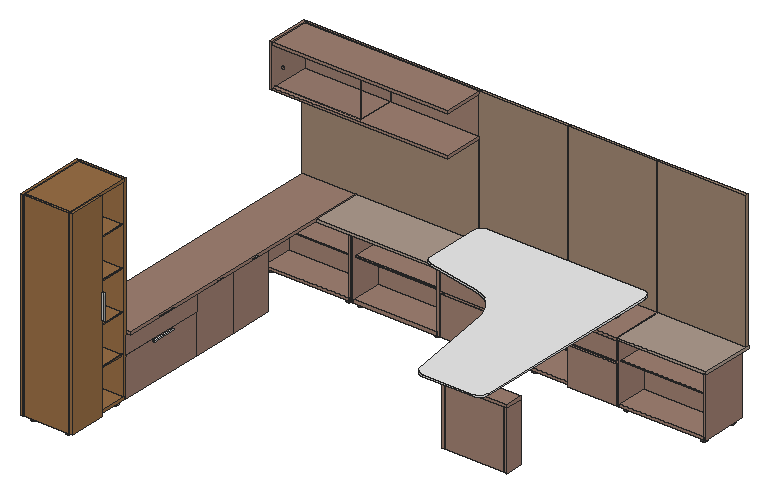
Revit family "OFS TYPICAL T100058", category Furniture, Revit 2022 (continued)
Definition of nested family "OFS_APTOS_TALL_STORAGE_ HINGED_DOOR_LEFT___OPEN"
  Definition of nested family "34-3068LSC1"
    Forms (in)
      Revolve 12, solid, material <- "FOOT"
        sketch origin (3.90849, -20.75056, -0.00025) x (-1, 0, 0) y (0, 0, -1)
          loop
            line (1.08378, -0.29152) -> (1.06268, -1.5) -> (1.9375, -1.5)
          axis (1.9375, -0.25) -> (1.9375, -1.5)
        angle from 0 to 360
      Revolve 13, solid, material <- "FOOT_2"
        sketch origin (1.97099, -17.81306, -0.00025) x (0, 1, 0) y (0, 0, -1)
          loop
            line (-2.84224, -0.25) -> (-2.57818, -0.25) -> (-2.57818, -0.21141) -> (-2.5183, -0.21141)
            arc (-2.5183, -0.21141) -> (-2.4126, -0.1057) -> (-2.5183, 0) r 0.1057
            line (-2.5183, 0) -> (-2.72, 0) -> (-2.72, -0.139) -> (-2.76153, -0.139)
            arc (-2.76153, -0.139) -> (-2.8173, -0.18329) -> (-2.84224, -0.25) r 0.13306
          axis (-2.9375, -0.25) -> (-2.9375, 0)
        angle from 0 to 360
      Extrusion 14, solid, material <- "PULL"
        sketch origin (26.95263, -6.0005, 0) x (-1, 0, 0) y (0, -1, 0)
          loop
            line (11.562, 17.7505) -> (11.93339, 17.7505) -> (11.93339, 17.80546)
            arc (11.93339, 17.80546) -> (11.8677, 18.17921) -> (11.93551, 18.55257) r 1.07866
            arc (11.93551, 18.55257) -> (11.74627, 18.71161) -> (11.562, 18.54684) r 0.18868
            arc (11.562, 18.54684) -> (11.6277, 18.17615) -> (11.562, 17.80546) r 1.07866
            line (11.562, 17.80546) -> (11.562, 17.7505)
        from 31.11825 to 39.3745
      Extrusion 15, solid, material <- "FINISH"
        sketch origin (-11.96999, -5.81275, 0) x (1, 0, 0) y (0, 0, 1)
          loop
            line (11.96999, 1.5) -> (27.36061, 1.5) -> (27.36061, 68.49925) -> (11.96999, 68.49925) -> (11.96999, 1.5)
        from 16.7505 to 17.93825
      Extrusion 16, solid, material <- "FINISH"
        sketch origin (0, -6, 0) x (0, 1, 0) y (0, 0, 1)
          loop
            line (-15.8755, 15.12525) -> (-15.8755, 14.87525) -> (-15.2505, 14.25025) -> (3.562, 14.25025) -> (3.562, 15.12525) -> (-15.8755, 15.12525)
        from 15.5 to 29.25
      Extrusion 17, solid, material <- "FINISH"
        sketch origin (15.4375, 1.125, 0) x (-1, 0, 0) y (0, 0, -1)
          loop
            line (-0.0625, -2.49975) -> (-0.0625, -67.71775) -> (0.6875, -67.71775) -> (0.6875, -2.49975) -> (-0.0625, -2.49975)
        from 2.2505 to 23.68825
      Extrusion 18, solid, material <- "FINISH"
        sketch origin (0, -6, 12.8745) x (0, 1, 0) y (0, 0, 1)
          loop
            line (-15.8755, 15.12525) -> (-15.8755, 14.87525) -> (-15.2505, 14.25025) -> (3.562, 14.25025) -> (3.562, 15.12525) -> (-15.8755, 15.12525)
        from 15.5 to 29.25
      Extrusion 19, solid, material <- "FINISH"
        sketch origin (0, -6, 26.21875) x (0, 1, 0) y (0, 0, 1)
          loop
            line (-15.8755, 15.12525) -> (-15.8755, 14.87525) -> (-15.2505, 14.25025) -> (3.562, 14.25025) -> (3.562, 15.12525) -> (-15.8755, 15.12525)
        from 15.5 to 29.25
      Extrusion 20, solid, material <- "FINISH"
        sketch origin (0, -6, 39.53125) x (0, 1, 0) y (0, 0, 1)
          loop
            line (-15.8755, 15.12525) -> (-15.8755, 14.87525) -> (-15.2505, 14.25025) -> (3.562, 14.25025) -> (3.562, 15.12525) -> (-15.8755, 15.12525)
        from 15.5 to 29.25
      Extrusion 21, solid, material <- "FINISH"
        sketch origin (0.0625, -3.376, 0) x (1, 0, 0) y (0, 0, -1)
          loop
            line (0, -1.5) -> (0, -68.43675) -> (0.6875, -68.43675) -> (0.6875, -1.5) -> (0, -1.5)
        from 2.2505 to 2.376
      Extrusion 22, solid, material <- "FINISH"
        sketch origin (29.9375, -3.376, 0) x (-1, 0, 0) y (0, 0, 1)
          loop
            line (0, 1.5) -> (0.6875, 1.5) -> (0.6875, 68.43675) -> (0, 68.43675) -> (0, 1.5)
        from 2.2505 to 2.376
    Dimensions and locks (in)
      aligned and locked: level to plane 2
  Definition of nested family "34-3068RSC1S"
    Parameters
      PULL = none
      FOOT_2 = none
      FOOT = none
      FINISH = none
      Default Elevation = 0' - 0"
    Reference planes (in)
      plane 1 "Center (Front/Back)": y = 0
      plane 2: z = 0
      plane 3 "Center (Left/Right)": x = 0
    Forms (in)
      Extrusion 1, solid, material <- "FINISH"
        sketch origin (0.0625, 1.125, 0) x (1, 0, 0) y (0, 0, 1)
          loop
            line (-0.0625, 1.5) -> (0.6875, 1.5) -> (0.6875, 68.49925) -> (-0.0625, 68.49925) -> (-0.0625, 1.5)
        from 2.2505 to 17.68775
      Extrusion 2, solid, material <- "FINISH"
        sketch origin (29.9375, 1.125, 0) x (-1, 0, 0) y (0, 0, -1)
          loop
            line (-0.0625, -1.5) -> (-0.0625, -68.49925) -> (0.6875, -68.49925) -> (0.6875, -1.5) -> (-0.0625, -1.5)
        from 2.2505 to 17.68775
      Revolve 3, solid, material <- "FOOT"
        sketch origin (0.063, -2.9375, 0) x (1, 0, 0) y (0, 0, 1)
          loop
            line (1.9375, 1.5) -> (1.06268, 1.5) -> (1.08378, 0.29152)
            arc (1.08378, 0.29152) -> (1.09641, 0.26212) -> (1.12603, 0.25) r 0.04226
            line (1.12603, 0.25) -> (1.9375, 0.25) -> (1.9375, 1.5)
          axis (1.9375, 0.25) -> (1.9375, 1.5)
        angle from 0 to 360
      Revolve 4, solid, material <- "FOOT_2"
        sketch origin (2.0005, 0, 0) x (0, 1, 0) y (0, 0, 1)
          loop
            arc (-2.84224, 0.25) -> (-2.8173, 0.18329) -> (-2.76153, 0.139) r 0.13306
            line (-2.76153, 0.139) -> (-2.72, 0.139) -> (-2.72, 0) -> (-2.5183, 0)
            arc (-2.5183, 0) -> (-2.4126, 0.1057) -> (-2.5183, 0.21141) r 0.1057
            line (-2.5183, 0.21141) -> (-2.57818, 0.21141) -> (-2.57818, 0.25) -> (-2.84224, 0.25)
          axis (-2.9375, 0.25) -> (-2.9375, 0)
        angle from 0 to 360
      Revolve 5, solid, material <- "FOOT"
        sketch origin (26.09151, -2.9375, -0.00025) x (1, 0, 0) y (0, 0, 1)
          loop
            line (1.9375, 1.5) -> (1.06268, 1.5) -> (1.08378, 0.29152)
            arc (1.08378, 0.29152) -> (1.09641, 0.26212) -> (1.12603, 0.25) r 0.04226
            line (1.12603, 0.25) -> (1.9375, 0.25) -> (1.9375, 1.5)
          axis (1.9375, 0.25) -> (1.9375, 1.5)
        angle from 0 to 360
      Revolve 6, solid, material <- "FOOT_2"
        sketch origin (28.02901, 0, -0.00025) x (0, 1, 0) y (0, 0, 1)
          loop
            arc (-2.84224, 0.25) -> (-2.8173, 0.18329) -> (-2.76153, 0.139) r 0.13306
            line (-2.76153, 0.139) -> (-2.72, 0.139) -> (-2.72, 0) -> (-2.5183, 0)
            arc (-2.5183, 0) -> (-2.4126, 0.1057) -> (-2.5183, 0.21141) r 0.1057
            line (-2.5183, 0.21141) -> (-2.57818, 0.21141) -> (-2.57818, 0.25) -> (-2.84224, 0.25)
          axis (-2.9375, 0.25) -> (-2.9375, 0)
        angle from 0 to 360
      Extrusion 7, solid, material <- "FINISH"
        sketch origin (-11.96999, 16.7505, 0) x (1, 0, 0) y (0, 0, 1)
          loop
            line (11.96999, 1.5) -> (41.96999, 1.5) -> (41.96999, 68.49925) -> (11.96999, 68.49925) -> (11.96999, 1.5)
        from 16.7505 to 17.7505
      Extrusion 8, solid, material <- "FINISH"
        sketch origin (-0.84549, 1.125, 0) x (-1, 0, 0) y (0, 0, -1)
          loop
            line (-30.09549, -1.5) -> (-30.09549, -2.49975) -> (-1.59549, -2.49975) -> (-1.59549, -1.5) -> (-30.09549, -1.5)
        from 2.125 to 17.68775
      Extrusion 9, solid, material <- "FINISH"
        sketch origin (-0.84549, 1.125, 65.9995) x (-1, 0, 0) y (0, 0, -1)
          loop
            line (-30.09549, -1.71825) -> (-30.09549, -2.49975) -> (-1.59549, -2.49975) -> (-1.59549, -1.71825) -> (-30.09549, -1.71825)
        from 2.2505 to 17.68775
      Revolve 10, solid, material <- "FOOT"
        sketch origin (0.063, -14.75006, 0) x (1, 0, 0) y (0, 0, 1)
          loop
            line (1.9375, 1.5) -> (1.06268, 1.5) -> (1.08378, 0.29152)
            arc (1.08378, 0.29152) -> (1.09641, 0.26212) -> (1.12603, 0.25) r 0.04226
            line (1.12603, 0.25) -> (1.9375, 0.25) -> (1.9375, 1.5)
          axis (1.9375, 0.25) -> (1.9375, 1.5)
        angle from 0 to 360
      Revolve 11, solid, material <- "FOOT_2"
        sketch origin (2.0005, -11.81256, 0) x (0, 1, 0) y (0, 0, 1)
          loop
            arc (-2.84224, 0.25) -> (-2.8173, 0.18329) -> (-2.76153, 0.139) r 0.13306
            line (-2.76153, 0.139) -> (-2.72, 0.139) -> (-2.72, 0) -> (-2.5183, 0)
            arc (-2.5183, 0) -> (-2.4126, 0.1057) -> (-2.5183, 0.21141) r 0.1057
            line (-2.5183, 0.21141) -> (-2.57818, 0.21141) -> (-2.57818, 0.25) -> (-2.84224, 0.25)
          axis (-2.9375, 0.25) -> (-2.9375, 0)
        angle from 0 to 360
      Revolve 12, solid, material <- "FOOT"
        sketch origin (26.09151, -14.75006, -0.00025) x (1, 0, 0) y (0, 0, 1)
          loop
            line (1.9375, 1.5) -> (1.06268, 1.5) -> (1.08378, 0.29152)
            arc (1.08378, 0.29152) -> (1.09641, 0.26212) -> (1.12603, 0.25) r 0.04226
            line (1.12603, 0.25) -> (1.9375, 0.25) -> (1.9375, 1.5)
          axis (1.9375, 0.25) -> (1.9375, 1.5)
        angle from 0 to 360
      Revolve 13, solid, material <- "FOOT_2"
        sketch origin (28.02901, -11.81256, -0.00025) x (0, 1, 0) y (0, 0, 1)
          loop
            arc (-2.84224, 0.25) -> (-2.8173, 0.18329) -> (-2.76153, 0.139) r 0.13306
            line (-2.76153, 0.139) -> (-2.72, 0.139) -> (-2.72, 0) -> (-2.5183, 0)
            arc (-2.5183, 0) -> (-2.4126, 0.1057) -> (-2.5183, 0.21141) r 0.1057
            line (-2.5183, 0.21141) -> (-2.57818, 0.21141) -> (-2.57818, 0.25) -> (-2.84224, 0.25)
          axis (-2.9375, 0.25) -> (-2.9375, 0)
        angle from 0 to 360
      Extrusion 14, solid, material <- "PULL"
        sketch origin (3.04737, 0, 0) x (1, 0, 0) y (0, 1, 0)
          loop
            line (11.562, -17.7505) -> (11.562, -17.80546)
            arc (11.562, -17.80546) -> (11.6277, -18.17615) -> (11.562, -18.54684) r 1.07866
            arc (11.562, -18.54684) -> (11.74627, -18.71161) -> (11.93551, -18.55257) r 0.18868
            arc (11.93551, -18.55257) -> (11.8677, -18.17921) -> (11.93339, -17.80546) r 1.07866
            line (11.93339, -17.80546) -> (11.93339, -17.7505) -> (11.562, -17.7505)
        from 31.11825 to 39.3745
      Extrusion 15, solid, material <- "FINISH"
        sketch origin (35.97049, 0.18775, 0) x (-1, 0, 0) y (0, 0, -1)
          loop
            line (5.97049, -1.5) -> (5.97049, -68.49925) -> (21.34549, -68.49925) -> (21.34549, -1.5) -> (5.97049, -1.5)
        from 16.7505 to 17.93825
      Extrusion 16, solid, material <- "FINISH"
        sketch origin (24.0005, 0, 0) x (0, 1, 0) y (0, 0, -1)
          loop
            line (-15.8755, -15.12525) -> (-2.438, -15.12525) -> (-2.438, -14.25025) -> (-15.2505, -14.25025) -> (-15.8755, -14.87525) -> (-15.8755, -15.12525)
        from 9.5005 to 23.2505
      Extrusion 17, solid, material <- "FINISH"
        sketch origin (14.5625, 1.125, 0) x (1, 0, 0) y (0, 0, 1)
          loop
            line (-0.0625, 2.49975) -> (0.6875, 2.49975) -> (0.6875, 67.71775) -> (-0.0625, 67.71775) -> (-0.0625, 2.49975)
        from 2.2505 to 17.68775
      Extrusion 18, solid, material <- "FINISH"
        sketch origin (24.0005, 0, 12.8745) x (0, 1, 0) y (0, 0, -1)
          loop
            line (-15.8755, -15.12525) -> (-2.438, -15.12525) -> (-2.438, -14.25025) -> (-15.2505, -14.25025) -> (-15.8755, -14.87525) -> (-15.8755, -15.12525)
        from 9.5005 to 23.2505
      Extrusion 19, solid, material <- "FINISH"
        sketch origin (24.0005, 0, 26.21875) x (0, 1, 0) y (0, 0, -1)
          loop
            line (-15.8755, -15.12525) -> (-2.438, -15.12525) -> (-2.438, -14.25025) -> (-15.2505, -14.25025) -> (-15.8755, -14.87525) -> (-15.8755, -15.12525)
        from 9.5005 to 23.2505
      Extrusion 20, solid, material <- "FINISH"
        sketch origin (24.0005, 0, 39.53125) x (0, 1, 0) y (0, 0, -1)
          loop
            line (-15.8755, -15.12525) -> (-2.438, -15.12525) -> (-2.438, -14.25025) -> (-15.2505, -14.25025) -> (-15.8755, -14.87525) -> (-15.8755, -15.12525)
        from 9.5005 to 23.2505
      Extrusion 21, solid, material <- "FINISH"
        sketch origin (0.0625, -3.376, 0) x (1, 0, 0) y (0, 0, -1)
          loop
            line (0, -1.5) -> (0, -68.43675) -> (0.6875, -68.43675) -> (0.6875, -1.5) -> (0, -1.5)
        from 2.2505 to 2.376
      Extrusion 22, solid, material <- "FINISH"
        sketch origin (29.9375, -3.376, 0) x (-1, 0, 0) y (0, 0, 1)
          loop
            line (0, 1.5) -> (0.6875, 1.5) -> (0.6875, 68.43675) -> (0, 68.43675) -> (0, 1.5)
        from 2.2505 to 2.376
    Dimensions and locks (in)
      aligned and locked: level to plane 2
  Definition of nested family "34-3068RSC1"
    Parameters
      PULL = none
      FOOT_2 = none
      FOOT = none
      FINISH = none
      Default Elevation = 0' - 0"
    Reference planes (in)
      plane 1 "Center (Front/Back)": y = 0
      plane 2: z = 0
      plane 3 "Center (Left/Right)": x = 0
    Forms (in)
      Extrusion 1, solid, material <- "FINISH"
        sketch origin (0.0625, 1.125, 0) x (1, 0, 0) y (0, 0, 1)
          loop
            line (-0.0625, 1.5) -> (0.6875, 1.5) -> (0.6875, 68.49925) -> (-0.0625, 68.49925) -> (-0.0625, 1.5)
        from 2.2505 to 23.68825
      Extrusion 2, solid, material <- "FINISH"
        sketch origin (29.9375, 1.125, 0) x (-1, 0, 0) y (0, 0, -1)
          loop
            line (-0.0625, -1.5) -> (-0.0625, -68.49925) -> (0.6875, -68.49925) -> (0.6875, -1.5) -> (-0.0625, -1.5)
        from 2.2505 to 23.68825
      Revolve 3, solid, material <- "FOOT"
        sketch origin (0.063, -2.9375, 0) x (1, 0, 0) y (0, 0, 1)
          loop
            line (1.9375, 1.5) -> (1.06268, 1.5) -> (1.08378, 0.29152)
            arc (1.08378, 0.29152) -> (1.09641, 0.26212) -> (1.12603, 0.25) r 0.04226
            line (1.12603, 0.25) -> (1.9375, 0.25) -> (1.9375, 1.5)
          axis (1.9375, 0.25) -> (1.9375, 1.5)
        angle from 0 to 360
      Revolve 4, solid, material <- "FOOT_2"
        sketch origin (2.0005, 0, 0) x (0, 1, 0) y (0, 0, 1)
          loop
            arc (-2.84224, 0.25) -> (-2.8173, 0.18329) -> (-2.76153, 0.139) r 0.13306
            line (-2.76153, 0.139) -> (-2.72, 0.139) -> (-2.72, 0) -> (-2.5183, 0)
            arc (-2.5183, 0) -> (-2.4126, 0.1057) -> (-2.5183, 0.21141) r 0.1057
            line (-2.5183, 0.21141) -> (-2.57818, 0.21141) -> (-2.57818, 0.25) -> (-2.84224, 0.25)
          axis (-2.9375, 0.25) -> (-2.9375, 0)
        angle from 0 to 360
      Revolve 5, solid, material <- "FOOT"
        sketch origin (26.09151, -2.9375, -0.00025) x (1, 0, 0) y (0, 0, 1)
          loop
            line (1.9375, 1.5) -> (1.06268, 1.5) -> (1.08378, 0.29152)
            arc (1.08378, 0.29152) -> (1.09641, 0.26212) -> (1.12603, 0.25) r 0.04226
            line (1.12603, 0.25) -> (1.9375, 0.25) -> (1.9375, 1.5)
          axis (1.9375, 0.25) -> (1.9375, 1.5)
        angle from 0 to 360
      Revolve 6, solid, material <- "FOOT_2"
        sketch origin (28.02901, 0, -0.00025) x (0, 1, 0) y (0, 0, 1)
          loop
            arc (-2.84224, 0.25) -> (-2.8173, 0.18329) -> (-2.76153, 0.139) r 0.13306
            line (-2.76153, 0.139) -> (-2.72, 0.139) -> (-2.72, 0) -> (-2.5183, 0)
            arc (-2.5183, 0) -> (-2.4126, 0.1057) -> (-2.5183, 0.21141) r 0.1057
            line (-2.5183, 0.21141) -> (-2.57818, 0.21141) -> (-2.57818, 0.25) -> (-2.84224, 0.25)
          axis (-2.9375, 0.25) -> (-2.9375, 0)
        angle from 0 to 360
      Extrusion 7, solid, material <- "FINISH"
        sketch origin (-5.97049, 16.7505, 0) x (1, 0, 0) y (0, 0, 1)
          loop
            line (5.97049, 1.5) -> (35.97049, 1.5) -> (35.97049, 68.49925) -> (5.97049, 68.49925) -> (5.97049, 1.5)
        from 16.7505 to 17.7505
      Extrusion 8, solid, material <- "FINISH"
        sketch origin (5.15401, 1.125, 0) x (-1, 0, 0) y (0, 0, -1)
          loop
            line (-24.09599, -1.5) -> (-24.09599, -2.49975) -> (4.40401, -2.49975) -> (4.40401, -1.5) -> (-24.09599, -1.5)
        from 2.125 to 23.68825
      Extrusion 9, solid, material <- "FINISH"
        sketch origin (5.15401, 1.125, 65.9995) x (-1, 0, 0) y (0, 0, -1)
          loop
            line (-24.09599, -1.71825) -> (-24.09599, -2.49975) -> (4.40401, -2.49975) -> (4.40401, -1.71825) -> (-24.09599, -1.71825)
        from 2.2505 to 23.68825
      Revolve 10, solid, material <- "FOOT"
        sketch origin (0.063, -20.75056, 0) x (1, 0, 0) y (0, 0, 1)
          loop
            line (1.9375, 1.5) -> (1.06268, 1.5) -> (1.08378, 0.29152)
            arc (1.08378, 0.29152) -> (1.09641, 0.26212) -> (1.12603, 0.25) r 0.04226
            line (1.12603, 0.25) -> (1.9375, 0.25) -> (1.9375, 1.5)
          axis (1.9375, 0.25) -> (1.9375, 1.5)
        angle from 0 to 360
      Revolve 11, solid, material <- "FOOT_2"
        sketch origin (2.0005, -17.81306, 0) x (0, 1, 0) y (0, 0, 1)
          loop
            arc (-2.84224, 0.25) -> (-2.8173, 0.18329) -> (-2.76153, 0.139) r 0.13306
            line (-2.76153, 0.139) -> (-2.72, 0.139) -> (-2.72, 0) -> (-2.5183, 0)
            arc (-2.5183, 0) -> (-2.4126, 0.1057) -> (-2.5183, 0.21141) r 0.1057
            line (-2.5183, 0.21141) -> (-2.57818, 0.21141) -> (-2.57818, 0.25) -> (-2.84224, 0.25)
          axis (-2.9375, 0.25) -> (-2.9375, 0)
        angle from 0 to 360
      Revolve 12, solid, material <- "FOOT"
        sketch origin (26.09151, -20.75056, -0.00025) x (1, 0, 0) y (0, 0, 1)
          loop
            line (1.9375, 1.5) -> (1.06268, 1.5) -> (1.08378, 0.29152)
            arc (1.08378, 0.29152) -> (1.09641, 0.26212) -> (1.12603, 0.25) r 0.04226
            line (1.12603, 0.25) -> (1.9375, 0.25) -> (1.9375, 1.5)
          axis (1.9375, 0.25) -> (1.9375, 1.5)
        angle from 0 to 360
      Revolve 13, solid, material <- "FOOT_2"
        sketch origin (28.02901, -17.81306, -0.00025) x (0, 1, 0) y (0, 0, 1)
          loop
            arc (-2.84224, 0.25) -> (-2.8173, 0.18329) -> (-2.76153, 0.139) r 0.13306
            line (-2.76153, 0.139) -> (-2.72, 0.139) -> (-2.72, 0) -> (-2.5183, 0)
            arc (-2.5183, 0) -> (-2.4126, 0.1057) -> (-2.5183, 0.21141) r 0.1057
            line (-2.5183, 0.21141) -> (-2.57818, 0.21141) -> (-2.57818, 0.25) -> (-2.84224, 0.25)
          axis (-2.9375, 0.25) -> (-2.9375, 0)
        angle from 0 to 360
      Extrusion 14, solid, material <- "PULL"
        sketch origin (3.04737, -6.0005, 0) x (1, 0, 0) y (0, 1, 0)
          loop
            line (11.562, -17.7505) -> (11.562, -17.80546)
            arc (11.562, -17.80546) -> (11.6277, -18.17615) -> (11.562, -18.54684) r 1.07866
            arc (11.562, -18.54684) -> (11.74627, -18.71161) -> (11.93551, -18.55257) r 0.18868
            arc (11.93551, -18.55257) -> (11.8677, -18.17921) -> (11.93339, -17.80546) r 1.07866
            line (11.93339, -17.80546) -> (11.93339, -17.7505) -> (11.562, -17.7505)
        from 31.11825 to 39.3745
      Extrusion 15, solid, material <- "FINISH"
        sketch origin (41.96999, -5.81275, 0) x (-1, 0, 0) y (0, 0, -1)
          loop
            line (11.96999, -1.5) -> (11.96999, -68.49925) -> (27.36061, -68.49925) -> (27.36061, -1.5) -> (11.96999, -1.5)
        from 16.7505 to 17.93825
      Extrusion 16, solid, material <- "FINISH"
        sketch origin (30, -6, 0) x (0, 1, 0) y (0, 0, -1)
          loop
            line (-15.8755, -15.12525) -> (3.562, -15.12525) -> (3.562, -14.25025) -> (-15.2505, -14.25025) -> (-15.8755, -14.87525) -> (-15.8755, -15.12525)
        from 15.5 to 29.25
      Extrusion 17, solid, material <- "FINISH"
        sketch origin (14.5625, 1.125, 0) x (1, 0, 0) y (0, 0, 1)
          loop
            line (-0.0625, 2.49975) -> (0.6875, 2.49975) -> (0.6875, 67.71775) -> (-0.0625, 67.71775) -> (-0.0625, 2.49975)
        from 2.2505 to 23.68825
      Extrusion 18, solid, material <- "FINISH"
        sketch origin (30, -6, 12.8745) x (0, 1, 0) y (0, 0, -1)
          loop
            line (-15.8755, -15.12525) -> (3.562, -15.12525) -> (3.562, -14.25025) -> (-15.2505, -14.25025) -> (-15.8755, -14.87525) -> (-15.8755, -15.12525)
        from 15.5 to 29.25
      Extrusion 19, solid, material <- "FINISH"
        sketch origin (30, -6, 26.21875) x (0, 1, 0) y (0, 0, -1)
          loop
            line (-15.8755, -15.12525) -> (3.562, -15.12525) -> (3.562, -14.25025) -> (-15.2505, -14.25025) -> (-15.8755, -14.87525) -> (-15.8755, -15.12525)
        from 15.5 to 29.25
      Extrusion 20, solid, material <- "FINISH"
        sketch origin (30, -6, 39.53125) x (0, 1, 0) y (0, 0, -1)
          loop
            line (-15.8755, -15.12525) -> (3.562, -15.12525) -> (3.562, -14.25025) -> (-15.2505, -14.25025) -> (-15.8755, -14.87525) -> (-15.8755, -15.12525)
        from 15.5 to 29.25
      Extrusion 21, solid, material <- "FINISH"
        sketch origin (0.0625, -3.376, 0) x (1, 0, 0) y (0, 0, -1)
          loop
            line (0, -1.5) -> (0, -68.43675) -> (0.6875, -68.43675) -> (0.6875, -1.5) -> (0, -1.5)
        from 2.2505 to 2.376
      Extrusion 22, solid, material <- "FINISH"
        sketch origin (29.9375, -3.376, 0) x (-1, 0, 0) y (0, 0, 1)
          loop
            line (0, 1.5) -> (0.6875, 1.5) -> (0.6875, 68.43675) -> (0, 68.43675) -> (0, 1.5)
        from 2.2505 to 2.376
    Dimensions and locks (in)
      aligned and locked: level to plane 2
  Definition of nested family "34-3668LSC1S"
    Parameters
      PULL = none
      FOOT_2 = none
      FOOT = none
      FINISH = none
      Default Elevation = 0' - 0"
    Reference planes (in)
      plane 1 "Center (Front/Back)": y = 0
      plane 2: z = 0
      plane 3 "Center (Left/Right)": x = 0
    Forms (in)
      Extrusion 1, solid, material <- "FINISH"
        sketch origin (0.0625, 1.125, 0) x (1, 0, 0) y (0, 0, 1)
          loop
            line (-0.0625, 1.5) -> (0.6875, 1.5) -> (0.6875, 68.49925) -> (-0.0625, 68.49925) -> (-0.0625, 1.5)
        from 2.2505 to 17.68775
      Extrusion 2, solid, material <- "FINISH"
        sketch origin (35.9375, 1.125, 0) x (-1, 0, 0) y (0, 0, -1)
          loop
            line (-0.0625, -1.5) -> (-0.0625, -68.49925) -> (0.6875, -68.49925) -> (0.6875, -1.5) -> (-0.0625, -1.5)
        from 2.2505 to 17.68775
      Revolve 3, solid, material <- "FOOT"
        sketch origin (35.937, -2.9375, 0) x (-1, 0, 0) y (0, 0, -1)
          loop
            line (1.9375, -1.5) -> (1.9375, -0.25) -> (1.12603, -0.25)
            arc (1.12603, -0.25) -> (1.09641, -0.26212) -> (1.08378, -0.29152) r 0.04226
            line (1.08378, -0.29152) -> (1.06268, -1.5) -> (1.9375, -1.5)
          axis (1.9375, -0.25) -> (1.9375, -1.5)
        angle from 0 to 360
      Revolve 4, solid, material <- "FOOT_2"
        sketch origin (33.9995, 0, 0) x (0, 1, 0) y (0, 0, -1)
          loop
            line (-2.84224, -0.25) -> (-2.57818, -0.25) -> (-2.57818, -0.21141) -> (-2.5183, -0.21141)
            arc (-2.5183, -0.21141) -> (-2.4126, -0.1057) -> (-2.5183, 0) r 0.1057
            line (-2.5183, 0) -> (-2.72, 0) -> (-2.72, -0.139) -> (-2.76153, -0.139)
            arc (-2.76153, -0.139) -> (-2.8173, -0.18329) -> (-2.84224, -0.25) r 0.13306
          axis (-2.9375, -0.25) -> (-2.9375, 0)
        angle from 0 to 360
      Revolve 5, solid, material <- "FOOT"
        sketch origin (3.90849, -2.9375, -0.00025) x (-1, 0, 0) y (0, 0, -1)
          loop
            line (1.9375, -1.5) -> (1.9375, -0.25) -> (1.12603, -0.25)
            arc (1.12603, -0.25) -> (1.09641, -0.26212) -> (1.08378, -0.29152) r 0.04226
            line (1.08378, -0.29152) -> (1.06268, -1.5) -> (1.9375, -1.5)
          axis (1.9375, -0.25) -> (1.9375, -1.5)
        angle from 0 to 360
      Revolve 6, solid, material <- "FOOT_2"
        sketch origin (1.97099, 0, -0.00025) x (0, 1, 0) y (0, 0, -1)
          loop
            line (-2.84224, -0.25) -> (-2.57818, -0.25) -> (-2.57818, -0.21141) -> (-2.5183, -0.21141)
            arc (-2.5183, -0.21141) -> (-2.4126, -0.1057) -> (-2.5183, 0) r 0.1057
            line (-2.5183, 0) -> (-2.72, 0) -> (-2.72, -0.139) -> (-2.76153, -0.139)
            arc (-2.76153, -0.139) -> (-2.8173, -0.18329) -> (-2.84224, -0.25) r 0.13306
          axis (-2.9375, -0.25) -> (-2.9375, 0)
        angle from 0 to 360
      Extrusion 7, solid, material <- "FINISH"
        sketch origin (41.96999, 16.7505, 0) x (-1, 0, 0) y (0, 0, -1)
          loop
            line (5.96999, -1.5) -> (5.96999, -68.49925) -> (41.96999, -68.49925) -> (41.96999, -1.5) -> (5.96999, -1.5)
        from 16.7505 to 17.7505
      Extrusion 8, solid, material <- "FINISH"
        sketch origin (30.84549, 1.125, 0) x (1, 0, 0) y (0, 0, 1)
          loop
            line (-30.09549, 1.5) -> (4.40451, 1.5) -> (4.40451, 2.49975) -> (-30.09549, 2.49975) -> (-30.09549, 1.5)
        from 2.125 to 17.68775
      Extrusion 9, solid, material <- "FINISH"
        sketch origin (30.84549, 1.125, 65.9995) x (1, 0, 0) y (0, 0, 1)
          loop
            line (-30.09549, 1.71825) -> (4.40451, 1.71825) -> (4.40451, 2.49975) -> (-30.09549, 2.49975) -> (-30.09549, 1.71825)
        from 2.2505 to 17.68775
      Revolve 10, solid, material <- "FOOT"
        sketch origin (35.937, -14.75006, 0) x (-1, 0, 0) y (0, 0, -1)
          loop
            line (1.9375, -1.5) -> (1.9375, -0.25) -> (1.12603, -0.25)
            arc (1.12603, -0.25) -> (1.09641, -0.26212) -> (1.08378, -0.29152) r 0.04226
            line (1.08378, -0.29152) -> (1.06268, -1.5) -> (1.9375, -1.5)
          axis (1.9375, -0.25) -> (1.9375, -1.5)
        angle from 0 to 360
      Revolve 11, solid, material <- "FOOT_2"
        sketch origin (33.9995, -11.81256, 0) x (0, 1, 0) y (0, 0, -1)
          loop
            line (-2.84224, -0.25) -> (-2.57818, -0.25) -> (-2.57818, -0.21141) -> (-2.5183, -0.21141)
            arc (-2.5183, -0.21141) -> (-2.4126, -0.1057) -> (-2.5183, 0) r 0.1057
            line (-2.5183, 0) -> (-2.72, 0) -> (-2.72, -0.139) -> (-2.76153, -0.139)
            arc (-2.76153, -0.139) -> (-2.8173, -0.18329) -> (-2.84224, -0.25) r 0.13306
          axis (-2.9375, -0.25) -> (-2.9375, 0)
        angle from 0 to 360
      Revolve 12, solid, material <- "FOOT"
        sketch origin (3.90849, -14.75006, -0.00025) x (-1, 0, 0) y (0, 0, -1)
          loop
            line (1.9375, -1.5) -> (1.9375, -0.25) -> (1.12603, -0.25)
            arc (1.12603, -0.25) -> (1.09641, -0.26212) -> (1.08378, -0.29152) r 0.04226
            line (1.08378, -0.29152) -> (1.06268, -1.5) -> (1.9375, -1.5)
          axis (1.9375, -0.25) -> (1.9375, -1.5)
        angle from 0 to 360
      Revolve 13, solid, material <- "FOOT_2"
        sketch origin (1.97099, -11.81256, -0.00025) x (0, 1, 0) y (0, 0, -1)
          loop
            line (-2.84224, -0.25) -> (-2.57818, -0.25) -> (-2.57818, -0.21141) -> (-2.5183, -0.21141)
            arc (-2.5183, -0.21141) -> (-2.4126, -0.1057) -> (-2.5183, 0) r 0.1057
            line (-2.5183, 0) -> (-2.72, 0) -> (-2.72, -0.139) -> (-2.76153, -0.139)
            arc (-2.76153, -0.139) -> (-2.8173, -0.18329) -> (-2.84224, -0.25) r 0.13306
          axis (-2.9375, -0.25) -> (-2.9375, 0)
        angle from 0 to 360
      Extrusion 14, solid, material <- "PULL"
        sketch origin (29.937, 0, 0) x (-1, 0, 0) y (0, -1, 0)
          loop
            line (11.562, 17.7505) -> (11.93339, 17.7505) -> (11.93339, 17.80546)
            arc (11.93339, 17.80546) -> (11.8677, 18.17921) -> (11.93551, 18.55257) r 1.07866
            arc (11.93551, 18.55257) -> (11.74627, 18.71161) -> (11.562, 18.54684) r 0.18868
            arc (11.562, 18.54684) -> (11.6277, 18.17615) -> (11.562, 17.80546) r 1.07866
            line (11.562, 17.80546) -> (11.562, 17.7505)
        from 31.11825 to 39.3745
      Extrusion 15, solid, material <- "FINISH"
        sketch origin (-5.97049, 0.18775, 0) x (1, 0, 0) y (0, 0, 1)
          loop
            line (5.97049, 1.5) -> (24.34549, 1.5) -> (24.34549, 68.49925) -> (5.97049, 68.49925) -> (5.97049, 1.5)
        from 16.7505 to 17.93825
      Extrusion 16, solid, material <- "FINISH"
        sketch origin (5.9995, 0, 0) x (0, 1, 0) y (0, 0, 1)
          loop
            line (-15.8755, 15.12525) -> (-15.8755, 14.87525) -> (-15.2505, 14.25025) -> (-2.438, 14.25025) -> (-2.438, 15.12525) -> (-15.8755, 15.12525)
        from 12.5005 to 29.2505
      Extrusion 17, solid, material <- "FINISH"
        sketch origin (18.4375, 1.125, 0) x (-1, 0, 0) y (0, 0, -1)
          loop
            line (-0.0625, -2.49975) -> (-0.0625, -67.71775) -> (0.6875, -67.71775) -> (0.6875, -2.49975) -> (-0.0625, -2.49975)
        from 2.2505 to 17.68775
      Extrusion 18, solid, material <- "FINISH"
        sketch origin (5.9995, 0, 12.8745) x (0, 1, 0) y (0, 0, 1)
          loop
            line (-15.8755, 15.12525) -> (-15.8755, 14.87525) -> (-15.2505, 14.25025) -> (-2.438, 14.25025) -> (-2.438, 15.12525) -> (-15.8755, 15.12525)
        from 12.5005 to 29.2505
      Extrusion 19, solid, material <- "FINISH"
        sketch origin (5.9995, 0, 26.21875) x (0, 1, 0) y (0, 0, 1)
          loop
            line (-15.8755, 15.12525) -> (-15.8755, 14.87525) -> (-15.2505, 14.25025) -> (-2.438, 14.25025) -> (-2.438, 15.12525) -> (-15.8755, 15.12525)
        from 12.5005 to 29.2505
      Extrusion 20, solid, material <- "FINISH"
        sketch origin (5.9995, 0, 39.53125) x (0, 1, 0) y (0, 0, 1)
          loop
            line (-15.8755, 15.12525) -> (-15.8755, 14.87525) -> (-15.2505, 14.25025) -> (-2.438, 14.25025) -> (-2.438, 15.12525) -> (-15.8755, 15.12525)
        from 12.5005 to 29.2505
      Extrusion 21, solid, material <- "FINISH"
        sketch origin (0.0625, -3.376, 0) x (1, 0, 0) y (0, 0, -1)
          loop
            line (0, -1.5) -> (0, -68.43675) -> (0.6875, -68.43675) -> (0.6875, -1.5) -> (0, -1.5)
        from 2.2505 to 2.376
      Extrusion 22, solid, material <- "FINISH"
        sketch origin (35.9375, -3.376, 0) x (-1, 0, 0) y (0, 0, 1)
          loop
            line (0, 1.5) -> (0.6875, 1.5) -> (0.6875, 68.43675) -> (0, 68.43675) -> (0, 1.5)
        from 2.2505 to 2.376
    Dimensions and locks (in)
      aligned and locked: level to plane 2
  Definition of nested family "34-3668LSC1"
    Parameters
      PULL = none
      FOOT_2 = none
      FOOT = none
      FINISH = none
      Default Elevation = 0' - 0"
    Reference planes (in)
      plane 1 "Center (Front/Back)": y = 0
      plane 2: z = 0
      plane 3 "Center (Left/Right)": x = 0
    Forms (in)
      Extrusion 1, solid, material <- "FINISH"
        sketch origin (0.0625, 1.125, 0) x (1, 0, 0) y (0, 0, 1)
          loop
            line (-0.0625, 1.5) -> (0.6875, 1.5) -> (0.6875, 68.49925) -> (-0.0625, 68.49925) -> (-0.0625, 1.5)
        from 2.2505 to 23.68825
      Extrusion 2, solid, material <- "FINISH"
        sketch origin (35.9375, 1.125, 0) x (-1, 0, 0) y (0, 0, -1)
          loop
            line (-0.0625, -1.5) -> (-0.0625, -68.49925) -> (0.6875, -68.49925) -> (0.6875, -1.5) -> (-0.0625, -1.5)
        from 2.2505 to 23.68825
      Revolve 3, solid, material <- "FOOT"
        sketch origin (35.937, -2.9375, 0) x (-1, 0, 0) y (0, 0, -1)
          loop
            line (1.9375, -1.5) -> (1.9375, -0.25) -> (1.12603, -0.25)
            arc (1.12603, -0.25) -> (1.09641, -0.26212) -> (1.08378, -0.29152) r 0.04226
            line (1.08378, -0.29152) -> (1.06268, -1.5) -> (1.9375, -1.5)
          axis (1.9375, -0.25) -> (1.9375, -1.5)
        angle from 0 to 360
      Revolve 4, solid, material <- "FOOT_2"
        sketch origin (33.9995, 0, 0) x (0, 1, 0) y (0, 0, -1)
          loop
            line (-2.84224, -0.25) -> (-2.57818, -0.25) -> (-2.57818, -0.21141) -> (-2.5183, -0.21141)
            arc (-2.5183, -0.21141) -> (-2.4126, -0.1057) -> (-2.5183, 0) r 0.1057
            line (-2.5183, 0) -> (-2.72, 0) -> (-2.72, -0.139) -> (-2.76153, -0.139)
            arc (-2.76153, -0.139) -> (-2.8173, -0.18329) -> (-2.84224, -0.25) r 0.13306
          axis (-2.9375, -0.25) -> (-2.9375, 0)
        angle from 0 to 360
      Revolve 5, solid, material <- "FOOT"
        sketch origin (3.90849, -2.9375, -0.00025) x (-1, 0, 0) y (0, 0, -1)
          loop
            line (1.9375, -1.5) -> (1.9375, -0.25) -> (1.12603, -0.25)
            arc (1.12603, -0.25) -> (1.09641, -0.26212) -> (1.08378, -0.29152) r 0.04226
            line (1.08378, -0.29152) -> (1.06268, -1.5) -> (1.9375, -1.5)
          axis (1.9375, -0.25) -> (1.9375, -1.5)
        angle from 0 to 360
      Revolve 6, solid, material <- "FOOT_2"
        sketch origin (1.97099, 0, -0.00025) x (0, 1, 0) y (0, 0, -1)
          loop
            line (-2.84224, -0.25) -> (-2.57818, -0.25) -> (-2.57818, -0.21141) -> (-2.5183, -0.21141)
            arc (-2.5183, -0.21141) -> (-2.4126, -0.1057) -> (-2.5183, 0) r 0.1057
            line (-2.5183, 0) -> (-2.72, 0) -> (-2.72, -0.139) -> (-2.76153, -0.139)
            arc (-2.76153, -0.139) -> (-2.8173, -0.18329) -> (-2.84224, -0.25) r 0.13306
          axis (-2.9375, -0.25) -> (-2.9375, 0)
        angle from 0 to 360
      Extrusion 7, solid, material <- "FINISH"
        sketch origin (35.97049, 16.7505, 0) x (-1, 0, 0) y (0, 0, -1)
          loop
            line (-0.02951, -1.5) -> (-0.02951, -68.49925) -> (35.97049, -68.49925) -> (35.97049, -1.5) -> (-0.02951, -1.5)
        from 16.7505 to 17.7505
      Extrusion 8, solid, material <- "FINISH"
        sketch origin (24.84599, 1.125, 0) x (1, 0, 0) y (0, 0, 1)
          loop
            line (-24.09599, 1.5) -> (10.40401, 1.5) -> (10.40401, 2.49975) -> (-24.09599, 2.49975) -> (-24.09599, 1.5)
        from 2.125 to 23.68825
      Extrusion 9, solid, material <- "FINISH"
        sketch origin (24.84599, 1.125, 65.9995) x (1, 0, 0) y (0, 0, 1)
          loop
            line (-24.09599, 1.71825) -> (10.40401, 1.71825) -> (10.40401, 2.49975) -> (-24.09599, 2.49975) -> (-24.09599, 1.71825)
        from 2.2505 to 23.68825
      Revolve 10, solid, material <- "FOOT"
        sketch origin (35.937, -20.75056, 0) x (-1, 0, 0) y (0, 0, -1)
          loop
            line (1.9375, -1.5) -> (1.9375, -0.25) -> (1.12603, -0.25)
            arc (1.12603, -0.25) -> (1.09641, -0.26212) -> (1.08378, -0.29152) r 0.04226
            line (1.08378, -0.29152) -> (1.06268, -1.5) -> (1.9375, -1.5)
          axis (1.9375, -0.25) -> (1.9375, -1.5)
        angle from 0 to 360
      Revolve 11, solid, material <- "FOOT_2"
        sketch origin (33.9995, -17.81306, 0) x (0, 1, 0) y (0, 0, -1)
          loop
            line (-2.84224, -0.25) -> (-2.57818, -0.25) -> (-2.57818, -0.21141) -> (-2.5183, -0.21141)
            arc (-2.5183, -0.21141) -> (-2.4126, -0.1057) -> (-2.5183, 0) r 0.1057
            line (-2.5183, 0) -> (-2.72, 0) -> (-2.72, -0.139) -> (-2.76153, -0.139)
            arc (-2.76153, -0.139) -> (-2.8173, -0.18329) -> (-2.84224, -0.25) r 0.13306
          axis (-2.9375, -0.25) -> (-2.9375, 0)
        angle from 0 to 360
      Revolve 12, solid, material <- "FOOT"
        sketch origin (3.90849, -20.75056, -0.00025) x (-1, 0, 0) y (0, 0, -1)
          loop
            line (1.9375, -1.5) -> (1.9375, -0.25) -> (1.12603, -0.25)
            arc (1.12603, -0.25) -> (1.09641, -0.26212) -> (1.08378, -0.29152) r 0.04226
            line (1.08378, -0.29152) -> (1.06268, -1.5) -> (1.9375, -1.5)
          axis (1.9375, -0.25) -> (1.9375, -1.5)
        angle from 0 to 360
      Revolve 13, solid, material <- "FOOT_2"
        sketch origin (1.97099, -17.81306, -0.00025) x (0, 1, 0) y (0, 0, -1)
          loop
            line (-2.84224, -0.25) -> (-2.57818, -0.25) -> (-2.57818, -0.21141) -> (-2.5183, -0.21141)
            arc (-2.5183, -0.21141) -> (-2.4126, -0.1057) -> (-2.5183, 0) r 0.1057
            line (-2.5183, 0) -> (-2.72, 0) -> (-2.72, -0.139) -> (-2.76153, -0.139)
            arc (-2.76153, -0.139) -> (-2.8173, -0.18329) -> (-2.84224, -0.25) r 0.13306
          axis (-2.9375, -0.25) -> (-2.9375, 0)
        angle from 0 to 360
      Extrusion 14, solid, material <- "PULL"
        sketch origin (29.95263, -6.0005, 0) x (-1, 0, 0) y (0, -1, 0)
          loop
            line (11.562, 17.7505) -> (11.93339, 17.7505) -> (11.93339, 17.80546)
            arc (11.93339, 17.80546) -> (11.8677, 18.17921) -> (11.93551, 18.55257) r 1.07866
            arc (11.93551, 18.55257) -> (11.74627, 18.71161) -> (11.562, 18.54684) r 0.18868
            arc (11.562, 18.54684) -> (11.6277, 18.17615) -> (11.562, 17.80546) r 1.07866
            line (11.562, 17.80546) -> (11.562, 17.7505)
        from 31.11825 to 39.3745
      Extrusion 15, solid, material <- "FINISH"
        sketch origin (-11.96999, -5.81275, 0) x (1, 0, 0) y (0, 0, 1)
          loop
            line (11.96999, 1.5) -> (30.36061, 1.5) -> (30.36061, 68.49925) -> (11.96999, 68.49925) -> (11.96999, 1.5)
        from 16.7505 to 17.93825
      Extrusion 16, solid, material <- "FINISH"
        sketch origin (0, -6, 0) x (0, 1, 0) y (0, 0, 1)
          loop
            line (-15.8755, 15.12525) -> (-15.8755, 14.87525) -> (-15.2505, 14.25025) -> (3.562, 14.25025) -> (3.562, 15.12525) -> (-15.8755, 15.12525)
        from 18.5 to 35.25
      Extrusion 17, solid, material <- "FINISH"
        sketch origin (18.4375, 1.125, 0) x (-1, 0, 0) y (0, 0, -1)
          loop
            line (-0.0625, -2.49975) -> (-0.0625, -67.71775) -> (0.6875, -67.71775) -> (0.6875, -2.49975) -> (-0.0625, -2.49975)
        from 2.2505 to 23.68825
      Extrusion 18, solid, material <- "FINISH"
        sketch origin (0, -6, 12.8745) x (0, 1, 0) y (0, 0, 1)
          loop
            line (-15.8755, 15.12525) -> (-15.8755, 14.87525) -> (-15.2505, 14.25025) -> (3.562, 14.25025) -> (3.562, 15.12525) -> (-15.8755, 15.12525)
        from 18.5 to 35.25
      Extrusion 19, solid, material <- "FINISH"
        sketch origin (0, -6, 26.21875) x (0, 1, 0) y (0, 0, 1)
          loop
            line (-15.8755, 15.12525) -> (-15.8755, 14.87525) -> (-15.2505, 14.25025) -> (3.562, 14.25025) -> (3.562, 15.12525) -> (-15.8755, 15.12525)
        from 18.5 to 35.25
      Extrusion 20, solid, material <- "FINISH"
        sketch origin (0, -6, 39.53125) x (0, 1, 0) y (0, 0, 1)
          loop
            line (-15.8755, 15.12525) -> (-15.8755, 14.87525) -> (-15.2505, 14.25025) -> (3.562, 14.25025) -> (3.562, 15.12525) -> (-15.8755, 15.12525)
        from 18.5 to 35.25
      Extrusion 21, solid, material <- "FINISH"
        sketch origin (0.0625, -3.376, 0) x (1, 0, 0) y (0, 0, -1)
          loop
            line (0, -1.5) -> (0, -68.43675) -> (0.6875, -68.43675) -> (0.6875, -1.5) -> (0, -1.5)
        from 2.2505 to 2.376
      Extrusion 22, solid, material <- "FINISH"
        sketch origin (35.9375, -3.376, 0) x (-1, 0, 0) y (0, 0, 1)
          loop
            line (0, 1.5) -> (0.6875, 1.5) -> (0.6875, 68.43675) -> (0, 68.43675) -> (0, 1.5)
        from 2.2505 to 2.376
    Dimensions and locks (in)
      aligned and locked: level to plane 2
  Definition of nested family "34-3668RSC1S"
    Parameters
      PULL = none
      FOOT_2 = none
      FOOT = none
      FINISH = none
      Default Elevation = 0' - 0"
    Reference planes (in)
      plane 1 "Center (Front/Back)": y = 0
      plane 2: z = 0
      plane 3 "Center (Left/Right)": x = 0
    Forms (in)
      Extrusion 1, solid, material <- "FINISH"
        sketch origin (0.0625, 1.125, 0) x (1, 0, 0) y (0, 0, 1)
          loop
            line (-0.0625, 1.5) -> (0.6875, 1.5) -> (0.6875, 68.49925) -> (-0.0625, 68.49925) -> (-0.0625, 1.5)
        from 2.2505 to 17.68775
      Extrusion 2, solid, material <- "FINISH"
        sketch origin (35.9375, 1.125, 0) x (-1, 0, 0) y (0, 0, -1)
          loop
            line (-0.0625, -1.5) -> (-0.0625, -68.49925) -> (0.6875, -68.49925) -> (0.6875, -1.5) -> (-0.0625, -1.5)
        from 2.2505 to 17.68775
      Revolve 3, solid, material <- "FOOT"
        sketch origin (0.063, -2.9375, 0) x (1, 0, 0) y (0, 0, 1)
          loop
            line (1.9375, 1.5) -> (1.06268, 1.5) -> (1.08378, 0.29152)
            arc (1.08378, 0.29152) -> (1.09641, 0.26212) -> (1.12603, 0.25) r 0.04226
            line (1.12603, 0.25) -> (1.9375, 0.25) -> (1.9375, 1.5)
          axis (1.9375, 0.25) -> (1.9375, 1.5)
        angle from 0 to 360
      Revolve 4, solid, material <- "FOOT_2"
        sketch origin (2.0005, 0, 0) x (0, 1, 0) y (0, 0, 1)
          loop
            arc (-2.84224, 0.25) -> (-2.8173, 0.18329) -> (-2.76153, 0.139) r 0.13306
            line (-2.76153, 0.139) -> (-2.72, 0.139) -> (-2.72, 0) -> (-2.5183, 0)
            arc (-2.5183, 0) -> (-2.4126, 0.1057) -> (-2.5183, 0.21141) r 0.1057
            line (-2.5183, 0.21141) -> (-2.57818, 0.21141) -> (-2.57818, 0.25) -> (-2.84224, 0.25)
          axis (-2.9375, 0.25) -> (-2.9375, 0)
        angle from 0 to 360
      Revolve 5, solid, material <- "FOOT"
        sketch origin (32.09151, -2.9375, -0.00025) x (1, 0, 0) y (0, 0, 1)
          loop
            line (1.9375, 1.5) -> (1.06268, 1.5) -> (1.08378, 0.29152)
            arc (1.08378, 0.29152) -> (1.09641, 0.26212) -> (1.12603, 0.25) r 0.04226
            line (1.12603, 0.25) -> (1.9375, 0.25) -> (1.9375, 1.5)
          axis (1.9375, 0.25) -> (1.9375, 1.5)
        angle from 0 to 360
      Revolve 6, solid, material <- "FOOT_2"
        sketch origin (34.02901, 0, -0.00025) x (0, 1, 0) y (0, 0, 1)
          loop
            arc (-2.84224, 0.25) -> (-2.8173, 0.18329) -> (-2.76153, 0.139) r 0.13306
            line (-2.76153, 0.139) -> (-2.72, 0.139) -> (-2.72, 0) -> (-2.5183, 0)
            arc (-2.5183, 0) -> (-2.4126, 0.1057) -> (-2.5183, 0.21141) r 0.1057
            line (-2.5183, 0.21141) -> (-2.57818, 0.21141) -> (-2.57818, 0.25) -> (-2.84224, 0.25)
          axis (-2.9375, 0.25) -> (-2.9375, 0)
        angle from 0 to 360
      Extrusion 7, solid, material <- "FINISH"
        sketch origin (-5.96999, 16.7505, 0) x (1, 0, 0) y (0, 0, 1)
          loop
            line (5.96999, 1.5) -> (41.96999, 1.5) -> (41.96999, 68.49925) -> (5.96999, 68.49925) -> (5.96999, 1.5)
        from 16.7505 to 17.7505
      Extrusion 8, solid, material <- "FINISH"
        sketch origin (5.15451, 1.125, 0) x (-1, 0, 0) y (0, 0, -1)
          loop
            line (-30.09549, -1.5) -> (-30.09549, -2.49975) -> (4.40451, -2.49975) -> (4.40451, -1.5) -> (-30.09549, -1.5)
        from 2.125 to 17.68775
      Extrusion 9, solid, material <- "FINISH"
        sketch origin (5.15451, 1.125, 65.9995) x (-1, 0, 0) y (0, 0, -1)
          loop
            line (-30.09549, -1.71825) -> (-30.09549, -2.49975) -> (4.40451, -2.49975) -> (4.40451, -1.71825) -> (-30.09549, -1.71825)
        from 2.2505 to 17.68775
      Revolve 10, solid, material <- "FOOT"
        sketch origin (0.063, -14.75006, 0) x (1, 0, 0) y (0, 0, 1)
          loop
            line (1.9375, 1.5) -> (1.06268, 1.5) -> (1.08378, 0.29152)
            arc (1.08378, 0.29152) -> (1.09641, 0.26212) -> (1.12603, 0.25) r 0.04226
            line (1.12603, 0.25) -> (1.9375, 0.25) -> (1.9375, 1.5)
          axis (1.9375, 0.25) -> (1.9375, 1.5)
        angle from 0 to 360
      Revolve 11, solid, material <- "FOOT_2"
        sketch origin (2.0005, -11.81256, 0) x (0, 1, 0) y (0, 0, 1)
          loop
            arc (-2.84224, 0.25) -> (-2.8173, 0.18329) -> (-2.76153, 0.139) r 0.13306
            line (-2.76153, 0.139) -> (-2.72, 0.139) -> (-2.72, 0) -> (-2.5183, 0)
            arc (-2.5183, 0) -> (-2.4126, 0.1057) -> (-2.5183, 0.21141) r 0.1057
            line (-2.5183, 0.21141) -> (-2.57818, 0.21141) -> (-2.57818, 0.25) -> (-2.84224, 0.25)
          axis (-2.9375, 0.25) -> (-2.9375, 0)
        angle from 0 to 360
      Revolve 12, solid, material <- "FOOT"
        sketch origin (32.09151, -14.75006, -0.00025) x (1, 0, 0) y (0, 0, 1)
          loop
            line (1.9375, 1.5) -> (1.06268, 1.5) -> (1.08378, 0.29152)
            arc (1.08378, 0.29152) -> (1.09641, 0.26212) -> (1.12603, 0.25) r 0.04226
            line (1.12603, 0.25) -> (1.9375, 0.25) -> (1.9375, 1.5)
          axis (1.9375, 0.25) -> (1.9375, 1.5)
        angle from 0 to 360
      Revolve 13, solid, material <- "FOOT_2"
        sketch origin (34.02901, -11.81256, -0.00025) x (0, 1, 0) y (0, 0, 1)
          loop
            arc (-2.84224, 0.25) -> (-2.8173, 0.18329) -> (-2.76153, 0.139) r 0.13306
            line (-2.76153, 0.139) -> (-2.72, 0.139) -> (-2.72, 0) -> (-2.5183, 0)
            arc (-2.5183, 0) -> (-2.4126, 0.1057) -> (-2.5183, 0.21141) r 0.1057
            line (-2.5183, 0.21141) -> (-2.57818, 0.21141) -> (-2.57818, 0.25) -> (-2.84224, 0.25)
          axis (-2.9375, 0.25) -> (-2.9375, 0)
        angle from 0 to 360
      Extrusion 14, solid, material <- "PULL"
        sketch origin (6.063, 0, 0) x (1, 0, 0) y (0, 1, 0)
          loop
            line (11.562, -17.7505) -> (11.562, -17.80546)
            arc (11.562, -17.80546) -> (11.6277, -18.17615) -> (11.562, -18.54684) r 1.07866
            arc (11.562, -18.54684) -> (11.74627, -18.71161) -> (11.93551, -18.55257) r 0.18868
            arc (11.93551, -18.55257) -> (11.8677, -18.17921) -> (11.93339, -17.80546) r 1.07866
            line (11.93339, -17.80546) -> (11.93339, -17.7505) -> (11.562, -17.7505)
        from 31.11825 to 39.3745
      Extrusion 15, solid, material <- "FINISH"
        sketch origin (41.97049, 0.18775, 0) x (-1, 0, 0) y (0, 0, -1)
          loop
            line (5.97049, -1.5) -> (5.97049, -68.49925) -> (24.34549, -68.49925) -> (24.34549, -1.5) -> (5.97049, -1.5)
        from 16.7505 to 17.93825
      Extrusion 16, solid, material <- "FINISH"
        sketch origin (30.0005, 0, 0) x (0, 1, 0) y (0, 0, -1)
          loop
            line (-15.8755, -15.12525) -> (-2.438, -15.12525) -> (-2.438, -14.25025) -> (-15.2505, -14.25025) -> (-15.8755, -14.87525) -> (-15.8755, -15.12525)
        from 12.5005 to 29.2505
      Extrusion 17, solid, material <- "FINISH"
        sketch origin (17.5625, 1.125, 0) x (1, 0, 0) y (0, 0, 1)
          loop
            line (-0.0625, 2.49975) -> (0.6875, 2.49975) -> (0.6875, 67.71775) -> (-0.0625, 67.71775) -> (-0.0625, 2.49975)
        from 2.2505 to 17.68775
      Extrusion 18, solid, material <- "FINISH"
        sketch origin (30.0005, 0, 12.8745) x (0, 1, 0) y (0, 0, -1)
          loop
            line (-15.8755, -15.12525) -> (-2.438, -15.12525) -> (-2.438, -14.25025) -> (-15.2505, -14.25025) -> (-15.8755, -14.87525) -> (-15.8755, -15.12525)
        from 12.5005 to 29.2505
      Extrusion 19, solid, material <- "FINISH"
        sketch origin (30.0005, 0, 26.21875) x (0, 1, 0) y (0, 0, -1)
          loop
            line (-15.8755, -15.12525) -> (-2.438, -15.12525) -> (-2.438, -14.25025) -> (-15.2505, -14.25025) -> (-15.8755, -14.87525) -> (-15.8755, -15.12525)
        from 12.5005 to 29.2505
      Extrusion 20, solid, material <- "FINISH"
        sketch origin (30.0005, 0, 39.53125) x (0, 1, 0) y (0, 0, -1)
          loop
            line (-15.8755, -15.12525) -> (-2.438, -15.12525) -> (-2.438, -14.25025) -> (-15.2505, -14.25025) -> (-15.8755, -14.87525) -> (-15.8755, -15.12525)
        from 12.5005 to 29.2505
      Extrusion 21, solid, material <- "FINISH"
        sketch origin (0.0625, -3.376, 0) x (1, 0, 0) y (0, 0, -1)
          loop
            line (0, -1.5) -> (0, -68.43675) -> (0.6875, -68.43675) -> (0.6875, -1.5) -> (0, -1.5)
        from 2.2505 to 2.376
      Extrusion 22, solid, material <- "FINISH"
        sketch origin (35.9375, -3.376, 0) x (-1, 0, 0) y (0, 0, 1)
          loop
            line (0, 1.5) -> (0.6875, 1.5) -> (0.6875, 68.43675) -> (0, 68.43675) -> (0, 1.5)
        from 2.2505 to 2.376
    Dimensions and locks (in)
      aligned and locked: level to plane 2
  Definition of nested family "34-3668RSC1"
    Parameters
      PULL = none
      FOOT_2 = none
      FOOT = none
      FINISH = none
      Default Elevation = 0' - 0"
    Reference planes (in)
      plane 1 "Center (Front/Back)": y = 0
      plane 2: z = 0
      plane 3 "Center (Left/Right)": x = 0
    Forms (in)
      Extrusion 1, solid, material <- "FINISH"
        sketch origin (0.0625, 1.125, 0) x (1, 0, 0) y (0, 0, 1)
          loop
            line (-0.0625, 1.5) -> (0.6875, 1.5) -> (0.6875, 68.49925) -> (-0.0625, 68.49925) -> (-0.0625, 1.5)
        from 2.2505 to 23.68825
      Extrusion 2, solid, material <- "FINISH"
        sketch origin (35.9375, 1.125, 0) x (-1, 0, 0) y (0, 0, -1)
          loop
            line (-0.0625, -1.5) -> (-0.0625, -68.49925) -> (0.6875, -68.49925) -> (0.6875, -1.5) -> (-0.0625, -1.5)
        from 2.2505 to 23.68825
      Revolve 3, solid, material <- "FOOT"
        sketch origin (0.063, -2.9375, 0) x (1, 0, 0) y (0, 0, 1)
          loop
            line (1.9375, 1.5) -> (1.06268, 1.5) -> (1.08378, 0.29152)
            arc (1.08378, 0.29152) -> (1.09641, 0.26212) -> (1.12603, 0.25) r 0.04226
            line (1.12603, 0.25) -> (1.9375, 0.25) -> (1.9375, 1.5)
          axis (1.9375, 0.25) -> (1.9375, 1.5)
        angle from 0 to 360
      Revolve 4, solid, material <- "FOOT_2"
        sketch origin (2.0005, 0, 0) x (0, 1, 0) y (0, 0, 1)
          loop
            arc (-2.84224, 0.25) -> (-2.8173, 0.18329) -> (-2.76153, 0.139) r 0.13306
            line (-2.76153, 0.139) -> (-2.72, 0.139) -> (-2.72, 0) -> (-2.5183, 0)
            arc (-2.5183, 0) -> (-2.4126, 0.1057) -> (-2.5183, 0.21141) r 0.1057
            line (-2.5183, 0.21141) -> (-2.57818, 0.21141) -> (-2.57818, 0.25) -> (-2.84224, 0.25)
          axis (-2.9375, 0.25) -> (-2.9375, 0)
        angle from 0 to 360
      Revolve 5, solid, material <- "FOOT"
        sketch origin (32.09151, -2.9375, -0.00025) x (1, 0, 0) y (0, 0, 1)
          loop
            line (1.9375, 1.5) -> (1.06268, 1.5) -> (1.08378, 0.29152)
            arc (1.08378, 0.29152) -> (1.09641, 0.26212) -> (1.12603, 0.25) r 0.04226
            line (1.12603, 0.25) -> (1.9375, 0.25) -> (1.9375, 1.5)
          axis (1.9375, 0.25) -> (1.9375, 1.5)
        angle from 0 to 360
      Revolve 6, solid, material <- "FOOT_2"
        sketch origin (34.02901, 0, -0.00025) x (0, 1, 0) y (0, 0, 1)
          loop
            arc (-2.84224, 0.25) -> (-2.8173, 0.18329) -> (-2.76153, 0.139) r 0.13306
            line (-2.76153, 0.139) -> (-2.72, 0.139) -> (-2.72, 0) -> (-2.5183, 0)
            arc (-2.5183, 0) -> (-2.4126, 0.1057) -> (-2.5183, 0.21141) r 0.1057
            line (-2.5183, 0.21141) -> (-2.57818, 0.21141) -> (-2.57818, 0.25) -> (-2.84224, 0.25)
          axis (-2.9375, 0.25) -> (-2.9375, 0)
        angle from 0 to 360
      Extrusion 7, solid, material <- "FINISH"
        sketch origin (0.02951, 16.7505, 0) x (1, 0, 0) y (0, 0, 1)
          loop
            line (-0.02951, 1.5) -> (35.97049, 1.5) -> (35.97049, 68.49925) -> (-0.02951, 68.49925) -> (-0.02951, 1.5)
        from 16.7505 to 17.7505
      Extrusion 8, solid, material <- "FINISH"
        sketch origin (11.15401, 1.125, 0) x (-1, 0, 0) y (0, 0, -1)
          loop
            line (-24.09599, -1.5) -> (-24.09599, -2.49975) -> (10.40401, -2.49975) -> (10.40401, -1.5) -> (-24.09599, -1.5)
        from 2.125 to 23.68825
      Extrusion 9, solid, material <- "FINISH"
        sketch origin (11.15401, 1.125, 65.9995) x (-1, 0, 0) y (0, 0, -1)
          loop
            line (-24.09599, -1.71825) -> (-24.09599, -2.49975) -> (10.40401, -2.49975) -> (10.40401, -1.71825) -> (-24.09599, -1.71825)
        from 2.2505 to 23.68825
      Revolve 10, solid, material <- "FOOT"
        sketch origin (0.063, -20.75056, 0) x (1, 0, 0) y (0, 0, 1)
          loop
            line (1.9375, 1.5) -> (1.06268, 1.5) -> (1.08378, 0.29152)
            arc (1.08378, 0.29152) -> (1.09641, 0.26212) -> (1.12603, 0.25) r 0.04226
            line (1.12603, 0.25) -> (1.9375, 0.25) -> (1.9375, 1.5)
          axis (1.9375, 0.25) -> (1.9375, 1.5)
        angle from 0 to 360
      Revolve 11, solid, material <- "FOOT_2"
        sketch origin (2.0005, -17.81306, 0) x (0, 1, 0) y (0, 0, 1)
          loop
            arc (-2.84224, 0.25) -> (-2.8173, 0.18329) -> (-2.76153, 0.139) r 0.13306
            line (-2.76153, 0.139) -> (-2.72, 0.139) -> (-2.72, 0) -> (-2.5183, 0)
            arc (-2.5183, 0) -> (-2.4126, 0.1057) -> (-2.5183, 0.21141) r 0.1057
            line (-2.5183, 0.21141) -> (-2.57818, 0.21141) -> (-2.57818, 0.25) -> (-2.84224, 0.25)
          axis (-2.9375, 0.25) -> (-2.9375, 0)
        angle from 0 to 360
      Revolve 12, solid, material <- "FOOT"
        sketch origin (32.09151, -20.75056, -0.00025) x (1, 0, 0) y (0, 0, 1)
          loop
            line (1.9375, 1.5) -> (1.06268, 1.5) -> (1.08378, 0.29152)
            arc (1.08378, 0.29152) -> (1.09641, 0.26212) -> (1.12603, 0.25) r 0.04226
            line (1.12603, 0.25) -> (1.9375, 0.25) -> (1.9375, 1.5)
          axis (1.9375, 0.25) -> (1.9375, 1.5)
        angle from 0 to 360
      Revolve 13, solid, material <- "FOOT_2"
        sketch origin (34.02901, -17.81306, -0.00025) x (0, 1, 0) y (0, 0, 1)
          loop
            arc (-2.84224, 0.25) -> (-2.8173, 0.18329) -> (-2.76153, 0.139) r 0.13306
            line (-2.76153, 0.139) -> (-2.72, 0.139) -> (-2.72, 0) -> (-2.5183, 0)
            arc (-2.5183, 0) -> (-2.4126, 0.1057) -> (-2.5183, 0.21141) r 0.1057
            line (-2.5183, 0.21141) -> (-2.57818, 0.21141) -> (-2.57818, 0.25) -> (-2.84224, 0.25)
          axis (-2.9375, 0.25) -> (-2.9375, 0)
        angle from 0 to 360
      Extrusion 14, solid, material <- "PULL"
        sketch origin (6.04737, -6.0005, 0) x (1, 0, 0) y (0, 1, 0)
          loop
            line (11.562, -17.7505) -> (11.562, -17.80546)
            arc (11.562, -17.80546) -> (11.6277, -18.17615) -> (11.562, -18.54684) r 1.07866
            arc (11.562, -18.54684) -> (11.74627, -18.71161) -> (11.93551, -18.55257) r 0.18868
            arc (11.93551, -18.55257) -> (11.8677, -18.17921) -> (11.93339, -17.80546) r 1.07866
            line (11.93339, -17.80546) -> (11.93339, -17.7505) -> (11.562, -17.7505)
        from 31.11825 to 39.3745
      Extrusion 15, solid, material <- "FINISH"
        sketch origin (47.96999, -5.81275, 0) x (-1, 0, 0) y (0, 0, -1)
          loop
            line (11.96999, -1.5) -> (11.96999, -68.49925) -> (30.36061, -68.49925) -> (30.36061, -1.5) -> (11.96999, -1.5)
        from 16.7505 to 17.93825
      Extrusion 16, solid, material <- "FINISH"
        sketch origin (36, -6, 0) x (0, 1, 0) y (0, 0, -1)
          loop
            line (-15.8755, -15.12525) -> (3.562, -15.12525) -> (3.562, -14.25025) -> (-15.2505, -14.25025) -> (-15.8755, -14.87525) -> (-15.8755, -15.12525)
        from 18.5 to 35.25
      Extrusion 17, solid, material <- "FINISH"
        sketch origin (17.5625, 1.125, 0) x (1, 0, 0) y (0, 0, 1)
          loop
            line (-0.0625, 2.49975) -> (0.6875, 2.49975) -> (0.6875, 67.71775) -> (-0.0625, 67.71775) -> (-0.0625, 2.49975)
        from 2.2505 to 23.68825
      Extrusion 18, solid, material <- "FINISH"
        sketch origin (36, -6, 12.8745) x (0, 1, 0) y (0, 0, -1)
          loop
            line (-15.8755, -15.12525) -> (3.562, -15.12525) -> (3.562, -14.25025) -> (-15.2505, -14.25025) -> (-15.8755, -14.87525) -> (-15.8755, -15.12525)
        from 18.5 to 35.25
      Extrusion 19, solid, material <- "FINISH"
        sketch origin (36, -6, 26.21875) x (0, 1, 0) y (0, 0, -1)
          loop
            line (-15.8755, -15.12525) -> (3.562, -15.12525) -> (3.562, -14.25025) -> (-15.2505, -14.25025) -> (-15.8755, -14.87525) -> (-15.8755, -15.12525)
        from 18.5 to 35.25
      Extrusion 20, solid, material <- "FINISH"
        sketch origin (36, -6, 39.53125) x (0, 1, 0) y (0, 0, -1)
          loop
            line (-15.8755, -15.12525) -> (3.562, -15.12525) -> (3.562, -14.25025) -> (-15.2505, -14.25025) -> (-15.8755, -14.87525) -> (-15.8755, -15.12525)
        from 18.5 to 35.25
      Extrusion 21, solid, material <- "FINISH"
        sketch origin (0.0625, -3.376, 0) x (1, 0, 0) y (0, 0, -1)
          loop
            line (0, -1.5) -> (0, -68.43675) -> (0.6875, -68.43675) -> (0.6875, -1.5) -> (0, -1.5)
        from 2.2505 to 2.376
